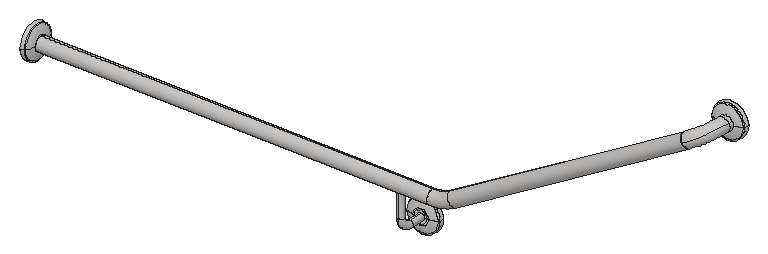
Revit family "Grab Rail_Metlam_30 Deg_Rear And Side Wall_Left", category Specialty Equipment, Revit 2016
Family settings
  Part Type = Normal
  Round Connector Dimension = Use Diameter
  OmniClass Number = 23.40.20.21.47
  OmniClass Title = Bath Grab Bars
  Work Plane-Based = No
  Always vertical = Yes
  Cut with Voids When Loaded = No
  Shared = No
  Room Calculation Point = Yes
Parameters (values of type "1572w x 90d x 382h (MLR 105_X)")
  Width = 1572 mm
  URL = "http://www.metlam.com.au/"
  Type Comments = "Grab Rails"  # constant formula
  Model = "MLR 105_X"
  Material_ANZRS = z_Metlam_Metal_Stainless Steel_Satin
  Height = 382 mm
  Manufacturer_URL__Product Specific = "https://metlam.com.au/product/content/grab-rails/MLR105_X"
  Manufacturer_Spec Code = Model  # "MLR 105_X"
  Manufacturer_Height From FFL [instance] = 800 mm
  Manufacturer = "Metlam"  # constant formula
  Keynote = ""
  Description = "30° Flush Mount Rear/Side Wall Rail LH"  # constant formula
  Depth = 90 mm
  CreatedBy_ANZRS = "IGS BIM Solutions"  # constant formula
  CreatedByURL_ANZRS = "http://www.igsgroup.com.au/"
  Assembly Code = ""
Reference planes
  plane 1 "Back": y = 0
  plane 2 "Ref. Level": z = 0
  plane 3 "Left Wall Mount_Centre (Elevation)": z = 784
  plane 4 "Rail_Front": y = -90
  plane 5 "Middle Wall Mount_Centre (Elevation)": z = 691
  plane 6 "Left": x = 110
  plane 7 "Right Wall Mount_Centre (Elevation)": z = 1134
  plane 8 "Mounting Height": z = 800
  plane 9 "Right Wall Mount_Centre (Left/Right)": x = 1666
  plane 10 "Right": x = 1705.218
  plane 11 "Middle Wall Mount_Centre (Left/Right)": x = 960
  plane 12 "Horizontal Rail_Bottom": z = 768
  plane 13 "Angled Rail_Right": x = 1682
  plane 14 "Angled Rail_Top": z = 1150
  plane 15 "Top": z = 1173
  plane 16 "Bottom": z = 653
  plane 17 "Front": y = -113
Forms (mm)
  Revolve 1, solid, material "z_Metlam_Metal_Stainless Steel_Satin" <- "Material_ANZRS"
    sketch origin (850, 0, 1134) x (-1, 0, 0) y (0, -1, 0)
      loop
        line (-800, 16.062) -> (-816, 16.062) -> (-816, 0) -> (-777, 0) -> (-778.401, 8.79)
        arc (-778.401, 8.79) -> (-778.851, 9.87) -> (-779.743, 10.627) r 2.5
        arc (-779.743, 10.627) -> (-789.591, 14.389) -> (-800, 16.062) r 51.397
      axis (-816, 16.062) -> (-816, 0)
    angle from 0 to 360
  Revolve 2, solid, material "z_Metlam_Metal_Stainless Steel_Satin" <- "Material_ANZRS"
    sketch origin (1533.595, -1524, 784) x (-1, 0, 0) y (0, -1, 0)
      loop
        arc (1413, -1486.257) -> (1413.757, -1487.149) -> (1414.836, -1487.599) r 2.5
        line (1414.836, -1487.599) -> (1423.595, -1489) -> (1423.595, -1450) -> (1407.564, -1450) -> (1407.564, -1466)
        arc (1407.564, -1466) -> (1409.238, -1476.409) -> (1413, -1486.257) r 51.397
      axis (1407.564, -1450) -> (1423.595, -1450)
    angle from 0 to 360
  Revolve 3, solid, material "z_Metlam_Metal_Stainless Steel_Satin" <- "Material_ANZRS"
    sketch origin (960, 0, 691) x (-1, 0, 0) y (0, -1, 0)
      loop
        line (38, 0) -> (37.609, 8.494)
        arc (37.609, 8.494) -> (37.213, 9.734) -> (36.246, 10.607) r 2.5
        arc (36.246, 10.607) -> (27.366, 14.116) -> (17.983, 15.888) r 50.422
        arc (17.983, 15.888) -> (16.426, 15.995) -> (14.865, 16.031) r 34
        line (14.865, 16.031) -> (0, 16.031) -> (0, 0) -> (38, 0)
      axis (0, 0) -> (0, 16.031)
    angle from 0 to 360
  Sweep 4, solid, material "z_Metlam_Metal_Stainless Steel_Satin" <- "Material_ANZRS"
    path origin (860, 0, -16) x (0, 1, 0) y (0, 0, 1)
      loop
        line (-16.031, 707) -> (-49, 707)
        arc (-49, 707) -> (-66.678, 714.322) -> (-74, 732) r 25
        line (-74, 732) -> (-74, 800)
    profile origin (860, -32.515, 691) x (0, 0, -1) y (1, 0, 0)
      loop
        circle (0, 100) r 7.5
  Sweep 5, solid, material "z_Metlam_Metal_Stainless Steel_Satin" <- "Material_ANZRS"
    path origin (850, -90, 0) x (-1, 0, 0) y (0, 0, 1)
      loop
        line (723.969, 784) -> (-182.987, 784)
        arc (-182.987, 784) -> (-208.869, 787.407) -> (-232.987, 797.397) r 100
        line (-232.987, 797.397) -> (-772.699, 1109)
    profile origin (579.509, -90, 784) x (0, 0, -1) y (0, 1, 0)
      loop
        circle (0, 16) r 16
  Sweep 6, solid, material "z_Metlam_Metal_Stainless Steel_Satin" <- "Material_ANZRS"
    path origin (1733.55, -90, 1173) x (-0.866025, 0, -0.5) y (0, 1, 0)
      loop
        line (78, 74) -> (78, 64)
        arc (78, 64) -> (92.059, 30.059) -> (126, 16) r 48
        line (126, 16) -> (128, 16)
    profile origin (1623.565, -74, 1109.5) x (0, 1, 0) y (0.5, 0, -0.866025)
      loop
        circle (0, 0) r 16
Cuts and joins
  joined: Sweep 4, Sweep 5, Sweep 6
Lines and regions (mm)
  Masking region 1
    outline origin (850, 0, 784) x (-1, 0, 0) y (0, -1, 0)
      loop
        line (-768.643, 58) -> (-117.5, 58) -> (-117.5, 16.031) -> (-126, 16.031)
        arc (-126, 16.031) -> (-136.43, 14.377) -> (-146.286, 10.586) r 50.422
        arc (-146.286, 10.586) -> (-147.21, 9.766) -> (-147.617, 8.6) r 2.455
        line (-147.617, 8.6) -> (-147.997, 0) -> (-71.997, 0) -> (-72.383, 8.596)
        arc (-72.383, 8.596) -> (-72.789, 9.764) -> (-73.714, 10.586) r 2.455
        arc (-73.714, 10.586) -> (-83.57, 14.377) -> (-94, 16.031) r 50.422
        line (-94, 16.031) -> (-102.5, 16.031) -> (-102.5, 58) -> (723.969, 58)
        arc (723.969, 58) -> (725.622, 47.577) -> (729.407, 37.727) r 50.422
        arc (729.407, 37.727) -> (730.158, 36.847) -> (731.226, 36.404) r 2.482
        line (731.226, 36.404) -> (740, 35) -> (740, 113) -> (731.212, 111.594)
        arc (731.212, 111.594) -> (730.156, 111.155) -> (729.414, 110.286) r 2.455
        arc (729.414, 110.286) -> (725.623, 100.43) -> (723.969, 90) r 50.422
        line (723.969, 90) -> (-769.199, 90)
        arc (-769.199, 90) -> (-813.606, 71.606) -> (-832, 27.199) r 62.801
        line (-832, 27.199) -> (-832, 16.031)
        arc (-832, 16.031) -> (-842.43, 14.377) -> (-852.286, 10.586) r 50.422
        arc (-852.286, 10.586) -> (-853.155, 9.844) -> (-853.594, 8.788) r 2.455
        line (-853.594, 8.788) -> (-855, 0) -> (-777, 0) -> (-778.404, 8.774)
        arc (-778.404, 8.774) -> (-778.847, 9.842) -> (-779.727, 10.593) r 2.482
        arc (-779.727, 10.593) -> (-789.577, 14.378) -> (-800, 16.031) r 50.422
        line (-800, 16.031) -> (-800, 26.643)
        arc (-800, 26.643) -> (-790.816, 48.816) -> (-768.643, 58) r 31.357
  symbolic lines, style "Grab Rails", detail levels medium+fine
    curve 1: line (126.031, -90, 784) -> (126.031, -58, 784)
    curve 2: line (1682, -16.031, 784) -> (1650, -16.031, 784)
    curve 3: line (952.5, -16.031, 0) -> (967.5, -16.031, 0)
    curve 4: line (952.5, -58, 0) -> (967.5, -58, 0)
  reference lines
    curve 5: line (1733.55, -90, 1173) -> (1059.782, -90, 784)
  symbolic lines, style "Grab Rails"
    curve 6: line (1060, -66, 0) -> (1060, -82, 0)
Text (mm)
  text "> Contact Manufacturer to confirm feasibility of design variations outside the scope of this Revit Family\n\n\n\nDisclaimer:\n\nDue to ongoing product development and manufacturing evolution, product details are subject to change without notice. Please refer to product technical data sheets on the manufacturer’s website for the most current product information. Please allow a +/- 5mm manufacturing tolerance for dimensions and set-outs shown in product literature." at (1975.959, 134.694, 0), in view "Ref. Level_Instruction"
Dimensions and locks
  "Depth": plane 4 "Rail_Front" to plane 1 "Back"
  "Manufacturer_Height From FFL": plane 8 "Mounting Height" to level
  locked: plane 5 "Middle Wall Mount_Centre (Elevation)" to plane 16 "Bottom" at 38
  locked: plane 3 "Left Wall Mount_Centre (Elevation)" to plane 12 "Horizontal Rail_Bottom" at 16
  locked: plane 8 "Mounting Height" to plane 3 "Left Wall Mount_Centre (Elevation)" at 16
  "Height": plane 14 "Angled Rail_Top" to plane 12 "Horizontal Rail_Bottom"
  locked: plane 4 "Rail_Front" to plane 17 "Front" at 23
  locked: plane 15 "Top" to plane 14 "Angled Rail_Top" at 23
  locked: plane 12 "Horizontal Rail_Bottom" to plane 5 "Middle Wall Mount_Centre (Elevation)" at 77
  locked: plane 14 "Angled Rail_Top" to plane 7 "Right Wall Mount_Centre (Elevation)" at 16
  locked: plane 6 "Left" to plane 11 "Middle Wall Mount_Centre (Left/Right)" at 850
  "Width": plane 6 "Left" to plane 13 "Angled Rail_Right"
  locked: plane 6 "Left" to curve 6 at 950
  locked: plane 13 "Angled Rail_Right" to plane 10 "Right" at 23.218
  locked: plane 9 "Right Wall Mount_Centre (Left/Right)" to plane 13 "Angled Rail_Right" at 16
  radius of Sweep 5 sketch curve = 100 mm
  aligned and locked: level to plane 2 "Ref. Level"
  aligned and locked: plane 15 "Top" to curve 5
  aligned and locked: plane 3 "Left Wall Mount_Centre (Elevation)" to curve 5
Automatic sketch dimensions
  plane 1 "Back" to Masking region 1 sketch curve = 0 mm  (x2)
  Masking region 1 sketch curve to Masking region 1 sketch curve = 0.392 mm  (x2)
  Masking region 1 sketch curve to Masking region 1 sketch curve = 0.388 mm  (x2)
  Masking region 1 sketch curve to plane 4 "Rail_Front" = 0 mm
  plane 6 "Left" to Masking region 1 sketch curve = 811.997 mm
  plane 1 "Back" to Masking region 1 sketch curve = 8.596 mm
  Masking region 1 sketch curve to Masking region 1 sketch curve = 0.386 mm
  Masking region 1 sketch curve to Masking region 1 sketch curve = 2.447 mm  (x2)
  plane 6 "Left" to Masking region 1 sketch curve = 834 mm
  plane 6 "Left" to Masking region 1 sketch curve = 836.64 mm
  plane 6 "Left" to Masking region 1 sketch curve = 842.5 mm
  plane 6 "Left" to Masking region 1 sketch curve = 857.5 mm
  plane 6 "Left" to Masking region 1 sketch curve = 863.36 mm
  Masking region 1 sketch curve to Masking region 1 sketch curve = 8.5 mm
  plane 1 "Back" to Masking region 1 sketch curve = 8.4 mm  (x2)
  Masking region 1 sketch curve to Masking region 1 sketch curve = 19.17 mm  (x2)
  plane 1 "Back" to Masking region 1 sketch curve = 8.6 mm
  Masking region 1 sketch curve to Masking region 1 sketch curve = 0.38 mm
  Masking region 1 sketch curve to Masking region 1 sketch curve = 0.556 mm  (x2)
  Masking region 1 sketch curve to Masking region 1 sketch curve = 8.357 mm
  plane 1 "Back" to Masking region 1 sketch curve = 8.774 mm
  Masking region 1 sketch curve to Masking region 1 sketch curve = 1.404 mm  (x2)
  Masking region 1 sketch curve to Masking region 1 sketch curve = 2.451 mm  (x2)
  plane 4 "Rail_Front" to Masking region 1 sketch curve = 2.64 mm
  Masking region 1 sketch curve to Masking region 1 sketch curve = 0 mm  (x6)
  Masking region 1 sketch curve to plane 1 "Back" = 34.322 mm  (x2)
  Masking region 1 sketch curve to Masking region 1 sketch curve = 0.196 mm
  plane 1 "Back" to Masking region 1 sketch curve = 16.031 mm  (x2)
  Masking region 1 sketch curve to Masking region 1 sketch curve = 11.168 mm
  plane 1 "Back" to Masking region 1 sketch curve = 35 mm
  Masking region 1 sketch curve to Masking region 1 sketch curve = 26.719 mm  (x2)
  Masking region 1 sketch curve to plane 4 "Rail_Front" = 19.17 mm
  Masking region 1 sketch curve to Masking region 1 sketch curve = 1.308 mm  (x2)
  Masking region 1 sketch curve to Masking region 1 sketch curve = 1.406 mm  (x2)
  curve 1 to plane 4 "Rail_Front" = 0 mm
  plane 4 "Rail_Front" to curve 1 = 32 mm
  plane 1 "Back" to curve 2 = 16.031 mm
  Revolve 1 sketch curve to plane 9 "Right Wall Mount_Centre (Left/Right)" = 0 mm  (x2)
  plane 1 "Back" to Revolve 1 sketch curve = 0 mm
  Revolve 1 sketch curve to plane 9 "Right Wall Mount_Centre (Left/Right)" = 13.089 mm
  Revolve 1 sketch curve to Revolve 1 sketch curve = 16 mm
  plane 1 "Back" to Revolve 1 sketch curve = 8.395 mm
  Revolve 1 sketch curve to Revolve 1 sketch curve = 19.13 mm
  plane 1 "Back" to Revolve 1 sketch curve = 8.79 mm
  Revolve 1 sketch curve to Revolve 1 sketch curve = 2.469 mm
  Revolve 1 sketch curve to Revolve 1 sketch curve = 1.401 mm
  Revolve 1 sketch curve to plane 1 "Back" = 35.252 mm
  plane 1 "Back" to Revolve 1 sketch curve = 16.062 mm
  Revolve 1 sketch curve to Revolve 1 sketch curve = 4.717 mm
  Revolve 1 sketch curve to Revolve 1 sketch curve = 6.031 mm
  Revolve 2 sketch curve to plane 6 "Left" = 0 mm
  plane 6 "Left" to Revolve 2 sketch curve = 8.364 mm
  Revolve 2 sketch curve to Revolve 2 sketch curve = 0.395 mm
  plane 6 "Left" to Revolve 2 sketch curve = 16.031 mm
  Revolve 2 sketch curve to plane 6 "Left" = 35.283 mm
  plane 1 "Back" to Revolve 2 sketch curve = 35 mm
  Revolve 2 sketch curve to Revolve 2 sketch curve = 1.401 mm
  Revolve 2 sketch curve to Revolve 2 sketch curve = 2.469 mm
  Revolve 2 sketch curve to Revolve 2 sketch curve = 19.13 mm
  plane 4 "Rail_Front" to Revolve 2 sketch curve = 29.089 mm
  Revolve 2 sketch curve to Revolve 2 sketch curve = 16 mm
  Revolve 2 sketch curve to Revolve 2 sketch curve = 6.031 mm
  Revolve 2 sketch curve to Revolve 2 sketch curve = 4.717 mm
  Revolve 2 sketch curve to Revolve 2 sketch curve = 13.089 mm
  plane 1 "Back" to Revolve 3 sketch curve = 0 mm  (x2)
  plane 1 "Back" to Revolve 3 sketch curve = 16.031 mm
  Revolve 3 sketch curve to Revolve 3 sketch curve = 13.36 mm
  Revolve 3 sketch curve to Revolve 3 sketch curve = 1.506 mm
  plane 1 "Back" to Revolve 3 sketch curve = 8.379 mm
  Revolve 3 sketch curve to Revolve 3 sketch curve = 20.246 mm
  plane 1 "Back" to Revolve 3 sketch curve = 8.494 mm
  Revolve 3 sketch curve to Revolve 3 sketch curve = 2.497 mm
  Revolve 3 sketch curve to Revolve 3 sketch curve = 0.391 mm
  Revolve 3 sketch curve to plane 1 "Back" = 17.969 mm
  Revolve 3 sketch curve to Revolve 3 sketch curve = 16.353 mm
  Revolve 3 sketch curve to Revolve 3 sketch curve = 0 mm  (x2)
  Revolve 3 sketch curve to Revolve 3 sketch curve = 11.61 mm
  Sweep 4 sketch curve to plane 3 "Left Wall Mount_Centre (Elevation)" = 0 mm
  Sweep 4 sketch curve to plane 5 "Middle Wall Mount_Centre (Elevation)" = 0 mm
  plane 4 "Rail_Front" to Sweep 4 sketch curve = 16 mm
  Sweep 4 sketch curve to Sweep 4 sketch curve = 25 mm
  plane 1 "Back" to Sweep 4 sketch curve = 16.031 mm
  Sweep 4 sketch curve to profile plane = 0 mm
  profile plane to Sweep 4 sketch curve = 100 mm
  Sweep 5 sketch curve to plane 3 "Left Wall Mount_Centre (Elevation)" = 0 mm
  Sweep 5 sketch curve to plane 8 "Mounting Height" = 2.603 mm
  Sweep 5 sketch curve to plane 9 "Right Wall Mount_Centre (Left/Right)" = 43.301 mm
  plane 6 "Left" to Sweep 5 sketch curve = 16.031 mm
  Sweep 5 sketch curve to plane 7 "Right Wall Mount_Centre (Elevation)" = 25 mm
  Sweep 5 sketch curve to profile plane = 0 mm
  plane 4 "Rail_Front" to Sweep 5 sketch curve = 16 mm
  profile plane to Sweep 6 sketch curve = 0 mm  (x2)
  Masking region 1 sketch curve to Masking region 1 sketch curve = 796.352 mm
  Masking region 1 sketch curve to plane 4 "Rail_Front" = 21.594 mm
  Masking region 1 sketch curve to Masking region 1 sketch curve = 7.243 mm
  Masking region 1 sketch curve to Masking region 1 sketch curve = 7.257 mm
  Masking region 1 sketch curve to Masking region 1 sketch curve = 8.774 mm
  plane 6 "Left" to curve 1 = 16.031 mm
  plane 4 "Rail_Front" to Masking region 1 sketch curve = 32 mm
  Masking region 1 sketch curve to Masking region 1 sketch curve = 621.026 mm
  Masking region 1 sketch curve to Masking region 1 sketch curve = 19.145 mm
  Masking region 1 sketch curve to Masking region 1 sketch curve = 25.64 mm
  plane 6 "Left" to curve 2 = 1540 mm
  curve 2 to curve 2 = 32 mm
  Revolve 3 sketch curve to plane 9 "Right Wall Mount_Centre (Left/Right)" = 706 mm
  Sweep 5 sketch curve to plane 9 "Right Wall Mount_Centre (Left/Right)" = 583.013 mm
  plane 10 "Right" to curve 5 = 28.332 mm
  plane 11 "Middle Wall Mount_Centre (Left/Right)" to curve 5 = 99.782 mm
  curve 5 to Sweep 6 sketch curve = 78 mm
  Sweep 6 sketch curve to Sweep 6 sketch curve = 48 mm
  Sweep 6 sketch curve to curve 5 = 16 mm
  Sweep 6 sketch curve to Sweep 6 sketch curve = 2 mm
  Sweep 6 sketch curve to Sweep 6 sketch curve = 10 mm
  plane 4 "Rail_Front" to curve 6 = 8 mm
  curve 4 to plane 11 "Middle Wall Mount_Centre (Left/Right)" = 7.5 mm
  curve 3 to plane 11 "Middle Wall Mount_Centre (Left/Right)" = 7.5 mm
  plane 11 "Middle Wall Mount_Centre (Left/Right)" to curve 4 = 7.5 mm
  plane 11 "Middle Wall Mount_Centre (Left/Right)" to curve 3 = 7.5 mm
  plane 4 "Rail_Front" to curve 4 = 32 mm
  plane 4 "Rail_Front" to curve 6 = 24 mm
  plane 1 "Back" to curve 3 = 16.031 mm
  radius of Sweep 4 sketch curve = 7.5 mm
  radius of Sweep 5 sketch curve = 16 mm
  radius of Sweep 6 sketch curve = 16 mm
